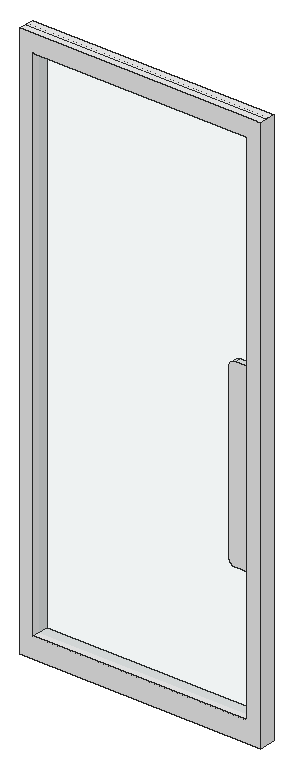
Revit family
Parameters (values of type "Single Glass")
  Offset = 0.00 mm
  Material Handle = Metal - Aluminum
  Keynote = "FT-15"
  Handle X Distance = 75.00 mm
  Glazing Thickness = 12.00 mm
  Material Glass = Glass
  Function = (empty or 0)
  Construction Type = "Glass"
  Assembly Code = ""
Reference planes
  plane 1: y = 0
  plane 2: z = 0
  plane 3: x = 539.723
  plane 4: x = 82.523
  plane 5: x = 996.923
  plane 6: z = 2133.6
  plane 7 "CENTRE": y = 0
  plane 8: z = 750
  plane 9: z = 1450
  plane 10: x = 157.523
  plane 11: z = 1550
  plane 12: z = 650
  plane 13: z = 1066.8
  plane 14: x = 996.923
Forms (mm)
  Extrusion 1, solid, material "Glass" <- "Material Glass"
    sketch origin (0, 0, 0) x (1, 0, 0) y (0, 1, 0)
      loop
        line (82.523, 0) -> (82.523, -12) -> (996.923, -12) -> (996.923, 0) -> (82.523, 0)
    from 0 to 2133.6
  Extrusion 2, solid, material "Metal - Aluminum" <- "Material Handle"
    sketch origin (729.4, 0, -180) x (1, 0, 0) y (0, 0, 1)
      loop
        line (217.523, 750) -> (217.523, 1450) -> (157.523, 1450)
        arc (157.523, 1450) -> (139.845, 1442.678) -> (132.523, 1425) r 25
        line (132.523, 1425) -> (132.523, 775)
        arc (132.523, 775) -> (139.845, 757.322) -> (157.523, 750) r 25
        line (157.523, 750) -> (217.523, 750)
    from -5 to 17
  Extrusion 3, solid, material "Metal - Aluminum" <- "Material Handle"
    sketch origin (0, 0, 0) x (1, 0, 0) y (0, 0, 1)
      loop
        line (996.923, 2133.6) -> (82.523, 2133.6) -> (82.523, 2066.8) -> (996.923, 2066.8) -> (996.923, 2133.6)
      loop
        line (996.923, 80) -> (82.523, 80) -> (82.523, 0) -> (996.923, 0) -> (996.923, 80)
    from 37 to -25
  Extrusion 4, solid, material "Metal - Aluminum" <- "Material Handle"
    sketch origin (0, 0, 0) x (1, 0, 0) y (0, 0, 1)
      loop
        line (996.923, 2133.6) -> (946.923, 2133.6) -> (946.923, 0) -> (996.923, 0) -> (996.923, 2133.6)
      loop
        line (82.523, 2133.6) -> (82.523, 0) -> (132.523, 0) -> (132.523, 2133.6) -> (82.523, 2133.6)
    from 37 to -25
Cuts and joins
  joined: Extrusion 2, Extrusion 3, Extrusion 4
Lines and regions (mm)
  symbolic lines, style "DoorsPanelProjection"
    curve 1: line (996.923, 0, 0) -> (996.923, 8.221, 0)
    curve 3: line (82.523, 5, 0) -> (82.523, 913.919, 0)
    curve 5: line (82.523, 5, 0) -> (82.523, 913.919, 0)
  symbolic lines, style "Plan Swing"
    curve 2: arc (996.923, 8.221, 0) -> (996.923, 8.221, 0) -> (996.923, 8.221, 0) r 0
    curve 4: arc (999.663, -3.221, 0) -> (731.039, 645.295, 0) -> (82.523, 913.919, 0) r 917.14
  symbolic lines, style "Elevation Swing"
    curve 6: line (82.523, 0, 2133.6) -> (996.923, 0, 1066.8)
    curve 7: line (996.923, 0, 1066.8) -> (82.523, 0, 0)
Text (mm)
  text "Exterior" at (-272.061, 797.241, 0), in view "Base Line"
Dimensions and locks
  equal spacing: plane 4, plane 3, plane 5
  "Offset": plane 1 to plane 7 "CENTRE"
  plane 2 to plane 6 = 2133.60 mm
  level to plane 8 to plane 9 = 750.00 mm, 700.00 mm
  "Glazing Thickness": Extrusion 1 to Extrusion 1
  "Handle X Distance": plane 4 to plane 10
  Extrusion 1 to plane 5 = 0.00 mm
  plane 4 to Extrusion 1 = 0.00 mm
  locked: Extrusion 2 to Extrusion 1 at 5  (x2)
  Extrusion 2 to Extrusion 2 = 22.00 mm
  equal spacing: level, plane 13, plane 6
  locked: plane 14 to plane 5
  plane 6 to plane 11 = 583.60 mm
  aligned and locked: Extrusion 1 to plane 5
  aligned and locked: plane 4 to Extrusion 1
  aligned and locked: Extrusion 1 to level
  aligned and locked: Extrusion 3 sketch curve to Extrusion 1  (x3)
  aligned and locked: plane 4 to Extrusion 3 sketch curve
  aligned and locked: level to Extrusion 3 sketch curve
  aligned and locked: Extrusion 4 sketch curve to Extrusion 1  (x4)
  aligned and locked: Extrusion 4 sketch curve to level
  aligned and locked: Extrusion 4 to plane 6
  aligned: curve 6 to Extrusion 1
Automatic sketch dimensions
  curve 3 to plane 4 = 0.00 mm
  curve 5 to plane 4 = 0.00 mm
  curve 4 to plane 4 = 0.00 mm
  curve 2 to plane 5 = 0.00 mm
  curve 1 to plane 1 = 0.00 mm
  curve 1 to plane 5 = 0.00 mm
  curve 4 to plane 5 = 2.74 mm
  plane 1 to curve 4 = 3.221 mm
  curve 3 to plane 1 = 5.00 mm
  curve 5 to curve 3 = 0.00 mm  (x2)
  curve 1 to curve 2 = 8.221 mm
  curve 3 to curve 4 = 0.00 mm
  Extrusion 1 sketch curve to plane 4 = 0.00 mm
  Extrusion 1 sketch curve to plane 5 = 0.00 mm
  Extrusion 1 sketch curve to plane 1 = 0.00 mm
  plane 1 to Extrusion 1 sketch curve = 12.00 mm
  level to Extrusion 3 sketch curve = 80.00 mm
  plane 6 to Extrusion 3 sketch curve = 66.80 mm
  Extrusion 4 sketch curve to level = 0.00 mm
  Extrusion 4 sketch curve to plane 10 = 25.00 mm
  plane 5 to Extrusion 4 sketch curve = 50.00 mm
  plane 9 to Extrusion 2 sketch curve = 180.00 mm
  plane 8 to Extrusion 2 sketch curve = 180.00 mm
  Extrusion 2 sketch curve to Extrusion 2 sketch curve = 60.00 mm
  Extrusion 2 sketch curve to Extrusion 2 sketch curve = 25.00 mm
  plane 5 to Extrusion 2 sketch curve = 135.00 mm
  plane 8 to Extrusion 2 sketch curve = 155.00 mm
  Extrusion 3 sketch curve to Extrusion 3 sketch curve = 66.80 mm
  curve 6 to plane 4 = 0.00 mm
  curve 6 to plane 6 = 0.00 mm
  curve 7 to plane 5 = 0.00 mm
  curve 7 to plane 13 = 0.00 mm
  curve 7 to level = 0.00 mm
  curve 7 to plane 4 = 0.00 mm
